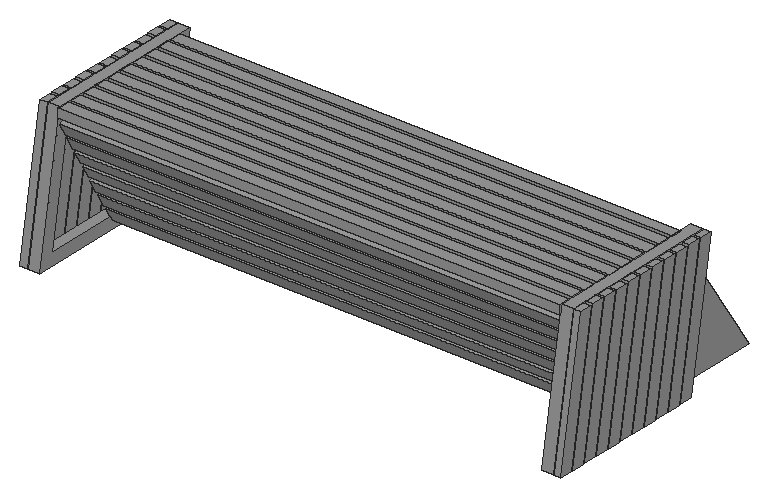
Revit family "Скамейка стальная «Тауэр» без спинки Арт 18177", category Антураж, Revit 2018
Family settings
  На основе рабочей плоскости = Нет
  Всегда вертикально = Да
  При загрузке вырезать с полостями = Нет
  Источник визуального образа = Геометрия семейства
  Общий = Нет
  Точка расчета площади = Нет
Parameters (values of type "Скамейка стальная «Тауэр» без спинки")
  Ширина = 860 mm  # constant formula
  Цвет опор = Сталь
  Цвет лавки = Дерево
  Описание = "Скамейка стальная «Тауэр» без спинки"  # constant formula
  Материал изделия = "Сталь, дерево"  # constant formula
  Изображение типоразмера = Скамейка стальная «Тауэр» без спинки Арт 18177.jpg
  Изготовитель = "ООО «Хоббика»"  # constant formula
  Длина = 1800 mm  # constant formula
  Группа модели = "Скамейки"  # constant formula
  Высота = 460 mm  # constant formula
  Артикул товара = "Арт. 18177"  # constant formula
  URL = "https://hobbyka.ru/product/skameyka_bez_spinki_tauer/"
Reference planes
  plane 1 "По центру (Вперед/Назад)": y = 0
  plane 2: z = 0
  plane 3 "По центру (Влево/Вправо)": x = 0
  plane 4: x = 1800
  plane 5: z = 460
  plane 6: y = 860
Forms (mm)
  Extrusion 1, solid, material "Сталь" <- "Цвет опор"
    sketch origin (0, 0, 0) x (0, 1, 0) y (0, 0, 1)
      loop
        line (82.417, 460) -> (0, 0) -> (540, 0) -> (622.417, 460) -> (82.417, 460)
      loop
        line (47.804, 40) -> (339.393, 40) -> (120, 420) -> (115.887, 420) -> (47.804, 40)
      loop
        line (506.53, 40) -> (574.613, 420) -> (143.094, 420) -> (362.487, 40) -> (506.53, 40)
    from 25 to 65
  Extrusion 2, solid, material "Сталь" <- "Цвет опор"
    sketch origin (0, 0, 0) x (0, 1, 0) y (0, 0, 1)
      loop
        line (82.417, 460) -> (0, 0) -> (540, 0) -> (622.417, 460) -> (82.417, 460)
      loop
        line (143.094, 420) -> (362.487, 40) -> (506.53, 40) -> (574.613, 420) -> (143.094, 420)
      loop
        line (47.804, 40) -> (339.393, 40) -> (120, 420) -> (115.887, 420) -> (47.804, 40)
    from 1735 to 1775
  Extrusion 3, solid, material "Сталь" <- "Цвет опор"
    sketch origin (0, 0, 0) x (0, 1, 0) y (0, 0, 1)
      loop
        line (609.195, 386.206) -> (540, 0) -> (860, 0) -> (609.195, 386.206)
    from 65 to 70
  Extrusion 4, solid, material "Сталь" <- "Цвет опор"
    sketch origin (0, 0, 0) x (0, 1, 0) y (0, 0, 1)
      loop
        line (609.195, 386.206) -> (540, 0) -> (860, 0) -> (609.195, 386.206)
    from 1730 to 1735
  Extrusion 5, solid, material "Дерево" <- "Цвет лавки"
    sketch origin (0, 0, 0) x (0, 1, 0) y (0, 0, 1)
      loop
        line (82.417, 460) -> (0, 0) -> (40.637, 0) -> (123.054, 460) -> (82.417, 460)
    from 0 to 25
  Extrusion 6, solid, material "Дерево" <- "Цвет лавки"
    sketch origin (0, 499.363, 0) x (0, 1, 0) y (0, 0, 1)
      loop
        line (82.417, 460) -> (0, 0) -> (40.637, 0) -> (123.054, 460) -> (82.417, 460)
    from 0 to 25
  Extrusion 7, solid, material "Дерево" <- "Цвет лавки"
    sketch origin (0, 49.936, 0) x (0, 1, 0) y (0, 0, 1)
      loop
        line (82.417, 460) -> (0, 0) -> (40.637, 0) -> (123.054, 460) -> (82.417, 460)
    from 0 to 25
  Extrusion 8, solid, material "Дерево" <- "Цвет лавки"
    sketch origin (0, 99.873, 0) x (0, 1, 0) y (0, 0, 1)
      loop
        line (82.417, 460) -> (0, 0) -> (40.637, 0) -> (123.054, 460) -> (82.417, 460)
    from 0 to 25
  Extrusion 9, solid, material "Дерево" <- "Цвет лавки"
    sketch origin (0, 149.809, 0) x (0, 1, 0) y (0, 0, 1)
      loop
        line (82.417, 460) -> (0, 0) -> (40.637, 0) -> (123.054, 460) -> (82.417, 460)
    from 0 to 25
  Extrusion 10, solid, material "Дерево" <- "Цвет лавки"
    sketch origin (0, 199.745, 0) x (0, 1, 0) y (0, 0, 1)
      loop
        line (82.417, 460) -> (0, 0) -> (40.637, 0) -> (123.054, 460) -> (82.417, 460)
    from 0 to 25
  Extrusion 11, solid, material "Дерево" <- "Цвет лавки"
    sketch origin (0, 249.682, 0) x (0, 1, 0) y (0, 0, 1)
      loop
        line (82.417, 460) -> (0, 0) -> (40.637, 0) -> (123.054, 460) -> (82.417, 460)
    from 0 to 25
  Extrusion 12, solid, material "Дерево" <- "Цвет лавки"
    sketch origin (0, 299.618, 0) x (0, 1, 0) y (0, 0, 1)
      loop
        line (82.417, 460) -> (0, 0) -> (40.637, 0) -> (123.054, 460) -> (82.417, 460)
    from 0 to 25
  Extrusion 13, solid, material "Дерево" <- "Цвет лавки"
    sketch origin (0, 349.554, 0) x (0, 1, 0) y (0, 0, 1)
      loop
        line (82.417, 460) -> (0, 0) -> (40.637, 0) -> (123.054, 460) -> (82.417, 460)
    from 0 to 25
  Extrusion 14, solid, material "Дерево" <- "Цвет лавки"
    sketch origin (0, 399.49, 0) x (0, 1, 0) y (0, 0, 1)
      loop
        line (82.417, 460) -> (0, 0) -> (40.637, 0) -> (123.054, 460) -> (82.417, 460)
    from 0 to 25
  Extrusion 15, solid, material "Дерево" <- "Цвет лавки"
    sketch origin (0, 449.427, 0) x (0, 1, 0) y (0, 0, 1)
      loop
        line (82.417, 460) -> (0, 0) -> (40.637, 0) -> (123.054, 460) -> (82.417, 460)
    from 0 to 25
  Extrusion 16, solid, material "Дерево" <- "Цвет лавки"
    sketch origin (0, 0, 0) x (0, 1, 0) y (0, 0, 1)
      loop
        line (82.417, 460) -> (0, 0) -> (40.637, 0) -> (123.054, 460) -> (82.417, 460)
    from 1775 to 1800
  Extrusion 17, solid, material "Дерево" <- "Цвет лавки"
    sketch origin (0, 499.363, 0) x (0, 1, 0) y (0, 0, 1)
      loop
        line (82.417, 460) -> (0, 0) -> (40.637, 0) -> (123.054, 460) -> (82.417, 460)
    from 1775 to 1800
  Extrusion 18, solid, material "Дерево" <- "Цвет лавки"
    sketch origin (0, 49.936, 0) x (0, 1, 0) y (0, 0, 1)
      loop
        line (82.417, 460) -> (0, 0) -> (40.637, 0) -> (123.054, 460) -> (82.417, 460)
    from 1775 to 1800
  Extrusion 19, solid, material "Дерево" <- "Цвет лавки"
    sketch origin (0, 99.873, 0) x (0, 1, 0) y (0, 0, 1)
      loop
        line (82.417, 460) -> (0, 0) -> (40.637, 0) -> (123.054, 460) -> (82.417, 460)
    from 1775 to 1800
  Extrusion 20, solid, material "Дерево" <- "Цвет лавки"
    sketch origin (0, 149.809, 0) x (0, 1, 0) y (0, 0, 1)
      loop
        line (82.417, 460) -> (0, 0) -> (40.637, 0) -> (123.054, 460) -> (82.417, 460)
    from 1775 to 1800
  Extrusion 21, solid, material "Дерево" <- "Цвет лавки"
    sketch origin (0, 199.745, 0) x (0, 1, 0) y (0, 0, 1)
      loop
        line (82.417, 460) -> (0, 0) -> (40.637, 0) -> (123.054, 460) -> (82.417, 460)
    from 1775 to 1800
  Extrusion 22, solid, material "Дерево" <- "Цвет лавки"
    sketch origin (0, 249.682, 0) x (0, 1, 0) y (0, 0, 1)
      loop
        line (82.417, 460) -> (0, 0) -> (40.637, 0) -> (123.054, 460) -> (82.417, 460)
    from 1775 to 1800
  Extrusion 23, solid, material "Дерево" <- "Цвет лавки"
    sketch origin (0, 299.618, 0) x (0, 1, 0) y (0, 0, 1)
      loop
        line (82.417, 460) -> (0, 0) -> (40.637, 0) -> (123.054, 460) -> (82.417, 460)
    from 1775 to 1800
  Extrusion 24, solid, material "Дерево" <- "Цвет лавки"
    sketch origin (0, 349.554, 0) x (0, 1, 0) y (0, 0, 1)
      loop
        line (82.417, 460) -> (0, 0) -> (40.637, 0) -> (123.054, 460) -> (82.417, 460)
    from 1775 to 1800
  Extrusion 25, solid, material "Дерево" <- "Цвет лавки"
    sketch origin (0, 399.49, 0) x (0, 1, 0) y (0, 0, 1)
      loop
        line (82.417, 460) -> (0, 0) -> (40.637, 0) -> (123.054, 460) -> (82.417, 460)
    from 1775 to 1800
  Extrusion 26, solid, material "Дерево" <- "Цвет лавки"
    sketch origin (0, 449.427, 0) x (0, 1, 0) y (0, 0, 1)
      loop
        line (82.417, 460) -> (0, 0) -> (40.637, 0) -> (123.054, 460) -> (82.417, 460)
    from 1775 to 1800
  Extrusion 27, solid, material "Дерево" <- "Цвет лавки"
    sketch origin (0, 0, 0) x (0, 1, 0) y (0, 0, 1)
      loop
        line (115.252, 430) -> (115.252, 460) -> (75.252, 460) -> (75.252, 430) -> (115.252, 430)
    from 65 to 1735
  Extrusion 28, solid, material "Дерево" <- "Цвет лавки"
    sketch origin (0, 465.438, 0) x (0, 1, 0) y (0, 0, 1)
      loop
        line (115.252, 430) -> (115.252, 460) -> (75.252, 460) -> (75.252, 430) -> (115.252, 430)
    from 65 to 1735
  Extrusion 29, solid, material "Дерево" <- "Цвет лавки"
    sketch origin (0, 51.715, 0) x (0, 1, 0) y (0, 0, 1)
      loop
        line (115.252, 430) -> (115.252, 460) -> (75.252, 460) -> (75.252, 430) -> (115.252, 430)
    from 65 to 1735
  Extrusion 30, solid, material "Дерево" <- "Цвет лавки"
    sketch origin (0, 103.431, 0) x (0, 1, 0) y (0, 0, 1)
      loop
        line (115.252, 430) -> (115.252, 460) -> (75.252, 460) -> (75.252, 430) -> (115.252, 430)
    from 65 to 1735
  Extrusion 31, solid, material "Дерево" <- "Цвет лавки"
    sketch origin (0, 155.146, 0) x (0, 1, 0) y (0, 0, 1)
      loop
        line (115.252, 430) -> (115.252, 460) -> (75.252, 460) -> (75.252, 430) -> (115.252, 430)
    from 65 to 1735
  Extrusion 32, solid, material "Дерево" <- "Цвет лавки"
    sketch origin (0, 206.861, 0) x (0, 1, 0) y (0, 0, 1)
      loop
        line (115.252, 430) -> (115.252, 460) -> (75.252, 460) -> (75.252, 430) -> (115.252, 430)
    from 65 to 1735
  Extrusion 33, solid, material "Дерево" <- "Цвет лавки"
    sketch origin (0, 258.576, 0) x (0, 1, 0) y (0, 0, 1)
      loop
        line (115.252, 430) -> (115.252, 460) -> (75.252, 460) -> (75.252, 430) -> (115.252, 430)
    from 65 to 1735
  Extrusion 34, solid, material "Дерево" <- "Цвет лавки"
    sketch origin (0, 310.292, 0) x (0, 1, 0) y (0, 0, 1)
      loop
        line (115.252, 430) -> (115.252, 460) -> (75.252, 460) -> (75.252, 430) -> (115.252, 430)
    from 65 to 1735
  Extrusion 35, solid, material "Дерево" <- "Цвет лавки"
    sketch origin (0, 362.007, 0) x (0, 1, 0) y (0, 0, 1)
      loop
        line (115.252, 430) -> (115.252, 460) -> (75.252, 460) -> (75.252, 430) -> (115.252, 430)
    from 65 to 1735
  Extrusion 36, solid, material "Дерево" <- "Цвет лавки"
    sketch origin (0, 413.722, 0) x (0, 1, 0) y (0, 0, 1)
      loop
        line (115.252, 430) -> (115.252, 460) -> (75.252, 460) -> (75.252, 430) -> (115.252, 430)
    from 65 to 1735
  Extrusion 37, solid, material "Дерево" <- "Цвет лавки"
    sketch origin (0, 1.789, -30) x (0, 1, 0) y (0, 0, 1)
      loop
        line (137.437, 416.699) -> (112.437, 460) -> (77.796, 440) -> (102.796, 396.699) -> (137.437, 416.699)
      loop
        line (169.937, 360.407) -> (144.937, 403.708) -> (110.296, 383.708) -> (135.296, 340.407) -> (169.937, 360.407)
      loop
        line (202.437, 304.115) -> (177.437, 347.417) -> (142.796, 327.417) -> (167.796, 284.115) -> (202.437, 304.115)
      loop
        line (234.937, 247.824) -> (209.937, 291.125) -> (175.296, 271.125) -> (200.296, 227.824) -> (234.937, 247.824)
      loop
        line (267.437, 191.532) -> (242.437, 234.833) -> (207.796, 214.833) -> (232.796, 171.532) -> (267.437, 191.532)
      loop
        line (299.937, 135.24) -> (274.937, 178.542) -> (240.296, 158.542) -> (265.296, 115.24) -> (299.937, 135.24)
      loop
        line (332.437, 78.949) -> (307.437, 122.25) -> (272.796, 102.25) -> (297.796, 58.949) -> (332.437, 78.949)
    from 65 to 1735
Cuts and joins
  joined: Extrusion 2, Extrusion 4
  joined: Extrusion 1, Extrusion 3
Dimensions and locks
  "Длина": plane 3 "По центру (Влево/Вправо)" to plane 4
  equal spacing: group 1, group 3, group 4, group 5, group 6, group 7, group 8, group 9, group 10, group 11, group 2  (x3)
  equal spacing: group 12, group 14, group 15, group 16, group 17, group 18, group 19, group 20, group 21, group 13  (x3)
  "Высота": plane 5 to level
  "Ширина": plane 6 to plane 1 "По центру (Вперед/Назад)"
  aligned and locked: level to plane 2
Automatic sketch dimensions
  Extrusion 3 sketch curve to level = 0 mm
  level to Extrusion 3 sketch curve = 386.206 mm
  Extrusion 4 sketch curve to level = 0 mm
  level to Extrusion 4 sketch curve = 386.206 mm
  Extrusion 5 sketch curve to Extrusion 5 sketch curve = 40.637 mm  (x2)
  Extrusion 6 sketch curve to Extrusion 6 sketch curve = 40.637 mm  (x2)
  Extrusion 7 sketch curve to Extrusion 7 sketch curve = 40.637 mm  (x2)
  Extrusion 8 sketch curve to Extrusion 8 sketch curve = 40.637 mm  (x2)
  Extrusion 9 sketch curve to Extrusion 9 sketch curve = 40.637 mm  (x2)
  Extrusion 10 sketch curve to Extrusion 10 sketch curve = 40.637 mm  (x2)
  Extrusion 11 sketch curve to Extrusion 11 sketch curve = 40.637 mm  (x2)
  Extrusion 12 sketch curve to Extrusion 12 sketch curve = 40.637 mm  (x2)
  Extrusion 13 sketch curve to Extrusion 13 sketch curve = 40.637 mm  (x2)
  Extrusion 14 sketch curve to Extrusion 14 sketch curve = 40.637 mm  (x2)
  Extrusion 15 sketch curve to Extrusion 15 sketch curve = 40.637 mm  (x2)
  Extrusion 16 sketch curve to Extrusion 16 sketch curve = 40.637 mm  (x2)
  Extrusion 26 sketch curve to Extrusion 26 sketch curve = 40.637 mm
  Extrusion 27 sketch curve to Extrusion 27 sketch curve = 40 mm
  Extrusion 27 sketch curve to Extrusion 27 sketch curve = 30 mm
  Extrusion 28 sketch curve to Extrusion 28 sketch curve = 40 mm
  Extrusion 28 sketch curve to Extrusion 28 sketch curve = 30 mm
  Extrusion 29 sketch curve to Extrusion 29 sketch curve = 40 mm
  Extrusion 29 sketch curve to Extrusion 29 sketch curve = 30 mm
  Extrusion 30 sketch curve to Extrusion 30 sketch curve = 40 mm
  Extrusion 30 sketch curve to Extrusion 30 sketch curve = 30 mm
  Extrusion 31 sketch curve to Extrusion 31 sketch curve = 40 mm
  Extrusion 31 sketch curve to Extrusion 31 sketch curve = 30 mm
  Extrusion 32 sketch curve to Extrusion 32 sketch curve = 40 mm
  Extrusion 32 sketch curve to Extrusion 32 sketch curve = 30 mm
  Extrusion 33 sketch curve to Extrusion 33 sketch curve = 40 mm
  Extrusion 33 sketch curve to Extrusion 33 sketch curve = 30 mm
  Extrusion 34 sketch curve to Extrusion 34 sketch curve = 40 mm
  Extrusion 34 sketch curve to Extrusion 34 sketch curve = 30 mm
  Extrusion 35 sketch curve to Extrusion 35 sketch curve = 40 mm
  Extrusion 35 sketch curve to Extrusion 35 sketch curve = 30 mm
  Extrusion 36 sketch curve to Extrusion 36 sketch curve = 40 mm
  Extrusion 36 sketch curve to Extrusion 36 sketch curve = 30 mm
  Extrusion 37 sketch curve to plane 1 "По центру (Вперед/Назад)" = 79.585 mm
  Extrusion 37 sketch curve to Extrusion 37 sketch curve = 25 mm  (x7)
  Extrusion 37 sketch curve to Extrusion 37 sketch curve = 7.5 mm  (x11)
  Extrusion 37 sketch curve to Extrusion 37 sketch curve = 34.641 mm
  level to Extrusion 37 sketch curve = 141.532 mm
  level to Extrusion 37 sketch curve = 85.24 mm
  level to Extrusion 37 sketch curve = 72.25 mm
  level to Extrusion 37 sketch curve = 148.542 mm
  level to Extrusion 37 sketch curve = 28.949 mm
  level to Extrusion 37 sketch curve = 92.25 mm
  Extrusion 37 sketch curve to Extrusion 37 sketch curve = 12.99 mm  (x9)
  Extrusion 17 sketch curve to Extrusion 17 sketch curve = 40.637 mm
  Extrusion 18 sketch curve to Extrusion 18 sketch curve = 40.637 mm
  Extrusion 19 sketch curve to Extrusion 19 sketch curve = 40.637 mm
  Extrusion 20 sketch curve to Extrusion 20 sketch curve = 40.637 mm
  Extrusion 21 sketch curve to Extrusion 21 sketch curve = 40.637 mm
  Extrusion 22 sketch curve to Extrusion 22 sketch curve = 40.637 mm
  Extrusion 23 sketch curve to Extrusion 23 sketch curve = 40.637 mm
  Extrusion 24 sketch curve to Extrusion 24 sketch curve = 40.637 mm
  Extrusion 25 sketch curve to Extrusion 25 sketch curve = 40.637 mm
  Extrusion 7 sketch curve to Extrusion 7 sketch curve = 460 mm
  Extrusion 7 sketch curve to Extrusion 7 sketch curve = 82.417 mm
  Extrusion 5 sketch curve to Extrusion 5 sketch curve = 460 mm
  Extrusion 5 sketch curve to Extrusion 5 sketch curve = 82.417 mm
  Extrusion 6 sketch curve to Extrusion 6 sketch curve = 460 mm
  Extrusion 6 sketch curve to Extrusion 6 sketch curve = 82.417 mm
  Extrusion 8 sketch curve to Extrusion 8 sketch curve = 460 mm
  Extrusion 8 sketch curve to Extrusion 8 sketch curve = 82.417 mm
  Extrusion 9 sketch curve to Extrusion 9 sketch curve = 460 mm
  Extrusion 9 sketch curve to Extrusion 9 sketch curve = 82.417 mm
  Extrusion 10 sketch curve to Extrusion 10 sketch curve = 460 mm
  Extrusion 10 sketch curve to Extrusion 10 sketch curve = 82.417 mm
  Extrusion 11 sketch curve to Extrusion 11 sketch curve = 460 mm
  Extrusion 11 sketch curve to Extrusion 11 sketch curve = 82.417 mm
  Extrusion 12 sketch curve to Extrusion 12 sketch curve = 460 mm
  Extrusion 12 sketch curve to Extrusion 12 sketch curve = 82.417 mm
  Extrusion 13 sketch curve to Extrusion 13 sketch curve = 460 mm
  Extrusion 13 sketch curve to Extrusion 13 sketch curve = 82.417 mm
  Extrusion 14 sketch curve to Extrusion 14 sketch curve = 460 mm
  Extrusion 14 sketch curve to Extrusion 14 sketch curve = 82.417 mm
  Extrusion 15 sketch curve to Extrusion 15 sketch curve = 460 mm
  Extrusion 15 sketch curve to Extrusion 15 sketch curve = 82.417 mm
  Extrusion 18 sketch curve to Extrusion 18 sketch curve = 82.417 mm  (x2)
  Extrusion 18 sketch curve to Extrusion 18 sketch curve = 460 mm
  Extrusion 16 sketch curve to Extrusion 16 sketch curve = 82.417 mm  (x2)
  Extrusion 16 sketch curve to Extrusion 16 sketch curve = 460 mm
  Extrusion 17 sketch curve to Extrusion 17 sketch curve = 82.417 mm  (x2)
  Extrusion 17 sketch curve to Extrusion 17 sketch curve = 460 mm
  Extrusion 19 sketch curve to Extrusion 19 sketch curve = 82.417 mm  (x2)
  Extrusion 19 sketch curve to Extrusion 19 sketch curve = 460 mm
  Extrusion 20 sketch curve to Extrusion 20 sketch curve = 82.417 mm  (x2)
  Extrusion 20 sketch curve to Extrusion 20 sketch curve = 460 mm
  Extrusion 21 sketch curve to Extrusion 21 sketch curve = 82.417 mm  (x2)
  Extrusion 21 sketch curve to Extrusion 21 sketch curve = 460 mm
  Extrusion 22 sketch curve to Extrusion 22 sketch curve = 82.417 mm  (x2)
  Extrusion 22 sketch curve to Extrusion 22 sketch curve = 460 mm
  Extrusion 23 sketch curve to Extrusion 23 sketch curve = 82.417 mm  (x2)
  Extrusion 23 sketch curve to Extrusion 23 sketch curve = 460 mm
  Extrusion 24 sketch curve to Extrusion 24 sketch curve = 82.417 mm  (x2)
  Extrusion 24 sketch curve to Extrusion 24 sketch curve = 460 mm
  Extrusion 25 sketch curve to Extrusion 25 sketch curve = 82.417 mm  (x2)
  Extrusion 25 sketch curve to Extrusion 25 sketch curve = 460 mm
  Extrusion 26 sketch curve to Extrusion 26 sketch curve = 82.417 mm  (x2)
  Extrusion 26 sketch curve to Extrusion 26 sketch curve = 460 mm
  Extrusion 1 sketch curve to level = 0 mm
  Extrusion 1 sketch curve to plane 1 "По центру (Вперед/Назад)" = 0 mm
  Extrusion 1 sketch curve to plane 5 = 0 mm
  Extrusion 1 sketch curve to plane 1 "По центру (Вперед/Назад)" = 47.804 mm
  Extrusion 1 sketch curve to plane 1 "По центру (Вперед/Назад)" = 82.417 mm
  Extrusion 1 sketch curve to Extrusion 1 sketch curve = 33.47 mm  (x2)
  Extrusion 1 sketch curve to Extrusion 1 sketch curve = 4.113 mm
  Extrusion 1 sketch curve to plane 5 = 40 mm
  Extrusion 1 sketch curve to Extrusion 1 sketch curve = 23.094 mm  (x2)
  level to Extrusion 1 sketch curve = 40 mm  (x2)
  Extrusion 1 sketch curve to Extrusion 1 sketch curve = 291.589 mm
  Extrusion 1 sketch curve to Extrusion 1 sketch curve = 144.043 mm
  Extrusion 1 sketch curve to Extrusion 1 sketch curve = 47.804 mm
  Extrusion 1 sketch curve to Extrusion 1 sketch curve = 0 mm
  Extrusion 2 sketch curve to level = 0 mm
  Extrusion 2 sketch curve to plane 1 "По центру (Вперед/Назад)" = 0 mm
  Extrusion 2 sketch curve to plane 5 = 0 mm
  Extrusion 2 sketch curve to plane 1 "По центру (Вперед/Назад)" = 47.804 mm
  Extrusion 2 sketch curve to plane 1 "По центру (Вперед/Назад)" = 82.417 mm
  Extrusion 2 sketch curve to Extrusion 2 sketch curve = 33.47 mm  (x2)
  Extrusion 2 sketch curve to Extrusion 2 sketch curve = 4.113 mm
  Extrusion 2 sketch curve to plane 5 = 40 mm
  Extrusion 2 sketch curve to Extrusion 2 sketch curve = 23.094 mm  (x2)
  level to Extrusion 2 sketch curve = 40 mm  (x2)
  Extrusion 2 sketch curve to Extrusion 2 sketch curve = 291.589 mm
  Extrusion 2 sketch curve to Extrusion 2 sketch curve = 144.043 mm
  Extrusion 2 sketch curve to Extrusion 2 sketch curve = 47.804 mm
  Extrusion 2 sketch curve to Extrusion 2 sketch curve = 0 mm
  Extrusion 1 sketch curve to plane 6 = 285.387 mm
  Extrusion 2 sketch curve to plane 6 = 285.387 mm
  Extrusion 3 sketch curve to plane 6 = 320 mm
  Extrusion 3 sketch curve to plane 6 = 250.805 mm
  Extrusion 3 sketch curve to plane 6 = 0 mm
  Extrusion 4 sketch curve to plane 6 = 320 mm
  Extrusion 4 sketch curve to plane 6 = 250.805 mm
  Extrusion 4 sketch curve to plane 6 = 0 mm
